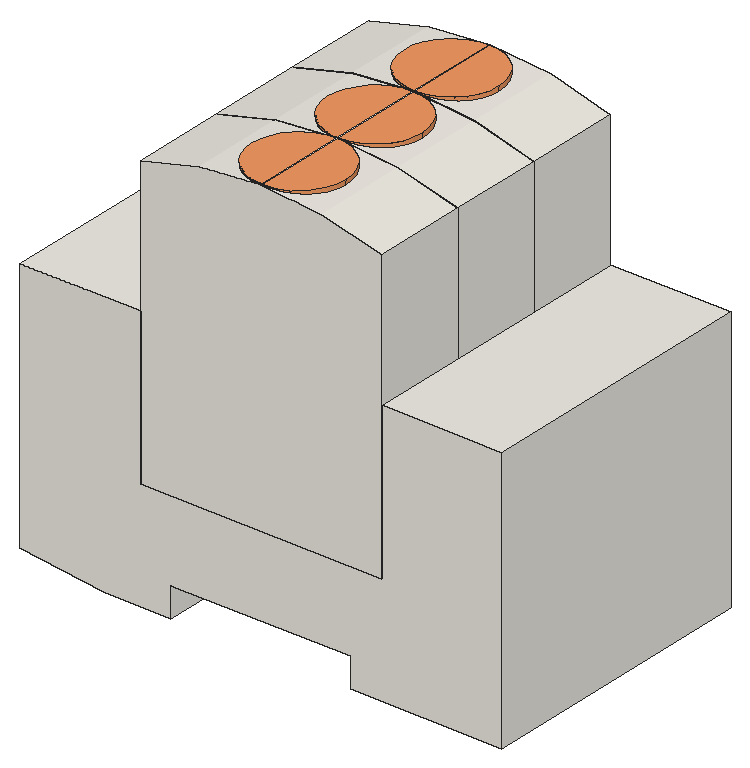
Revit family "Kombiableiter V50, 3-polig", category Generic Models, Revit 2015
Parameters (values of type "V50-3-385")
  Width = 90 mm
  URL = "http://www.obo-bettermann.com"
  Material 2 = PA 66/6 FR HF RAL 2003
  Material = PA 66/6 FR HF RAL 9010
  Manufacturer Art.No. = "5093574"
  Manufacturer = "OBO Bettermann"
  Length = 53.4 mm
  Height = 78.5 mm
  GTIN = "4012196398577"
  Article Type = "V50-3-385"
Types (5, lengths in mm): name | Manufacturer Art.No. | GTIN | Article Type
  (no name) | "5093574" | "4012196398577" | "V50-3-385"
  V50-3-150 | "5093442" | "4012196398652" | "V50-3-150"
  V50-3-280 | "5093511" | "4012196159604" | "V50-3-280"
  V50-3-320 | "5093542" | "4012196398461" | "V50-3-320"
  V50-3-385 | "5093574" | "4012196398577" | "V50-3-385"
Reference planes
  plane 1 "Center (Front/Back)": y = 0
  plane 2: z = 0
  plane 3 "Center (Left/Right)": x = 0
  plane 4: y = 17.8
  plane 5: z = 78.5
  plane 6: z = 78.5
  plane 7: z = 77.5
  plane 8: y = 35.6
  plane 9: y = 53.4
Forms (mm)
  Extrusion 1, solid, material "PA 66/6 FR HF RAL 9010" <- "Material"
    sketch origin (0, 0, 0) x (1, 0, 0) y (0, 0, 1)
      loop
        line (-29.35, 0) -> (-16.75, 0) -> (-16.75, 5.5) -> (16.75, 5.5) -> (16.75, 0) -> (45, 0) -> (45, 49.5) -> (22.5, 49.5) -> (22.5, 20.5) -> (-22.5, 20.5) -> (-22.5, 49.5) -> (-45, 49.5) -> (-45, 1.922) -> (-29.35, 0)
    from -53.4 to 0
  Extrusion 2, solid, material "PA 66/6 FR HF RAL 9010" <- "Material"
    sketch origin (0, 0, 0) x (1, 0, 0) y (0, 0, 1)
      loop
        line (-22.5, 20.5) -> (22.5, 20.5) -> (22.5, 74.639)
        arc (22.5, 74.639) -> (0, 78.5) -> (-22.5, 74.639) r 67.488
        line (-22.5, 74.639) -> (-22.5, 20.5)
    from -17.8 to 0
  Extrusion 3, solid, material "PA 66/6 FR HF RAL 2003" <- "Material 2"
    sketch origin (0, 0, 0) x (1, 0, 0) y (0, 1, 0)
      loop
        circle (0, 8.9) r 8.75
    from 77.5 to 78.5
  Extrusion 4, solid, material "PA 66/6 FR HF RAL 9010" <- "Material"
    sketch origin (0, 0, 0) x (1, 0, 0) y (0, 0, 1)
      loop
        line (-22.5, 74.639) -> (-22.5, 20.5) -> (22.5, 20.5) -> (22.5, 74.639)
        arc (22.5, 74.639) -> (0, 78.5) -> (-22.5, 74.639) r 67.488
    from -35.6 to -17.8
  Extrusion 5, solid, material "PA 66/6 FR HF RAL 2003" <- "Material 2"
    sketch origin (0, 0, 0) x (1, 0, 0) y (0, 1, 0)
      loop
        circle (0, 26.7) r 8.8
    from 77.5 to 78.5
  Extrusion 6, solid, material "PA 66/6 FR HF RAL 9010" <- "Material"
    sketch origin (0, 0, 0) x (1, 0, 0) y (0, 0, 1)
      loop
        line (-22.5, 74.639) -> (-22.5, 20.5) -> (22.5, 20.5) -> (22.5, 74.639)
        arc (22.5, 74.639) -> (0, 78.5) -> (-22.5, 74.639) r 67.488
    from -53.4 to -35.6
  Extrusion 7, solid, material "PA 66/6 FR HF RAL 2003" <- "Material 2"
    sketch origin (0, 0, 0) x (1, 0, 0) y (0, 1, 0)
      loop
        circle (0, 44.5) r 8.8
    from 77.5 to 78.5
Dimensions and locks
  locked: Extrusion 1 sketch curve to Extrusion 1 sketch curve at 33.5
  locked: plane 3 "Center (Left/Right)" to Extrusion 1 sketch curve at 16.75
  locked: Extrusion 1 sketch curve to level at 5.5
  "Width": Extrusion 1 sketch curve to Extrusion 1 sketch curve
  equal spacing: Extrusion 1 sketch curve, plane 3 "Center (Left/Right)", Extrusion 1 sketch curve, locked at 45 each
  locked: Extrusion 1 sketch curve to Extrusion 1 sketch curve at 44
  locked: Extrusion 1 sketch curve to Extrusion 1 sketch curve at 45
  equal spacing: Extrusion 1 sketch curve, plane 3 "Center (Left/Right)", Extrusion 1 sketch curve, locked at 22.5 each
  locked: Extrusion 1 sketch curve to Extrusion 1 sketch curve at 29
  locked: Extrusion 1 sketch curve to Extrusion 1 sketch curve at 15.65
  locked: Extrusion 1 sketch curve to level at 1.922
  "Height": plane 5 to level
  locked: Extrusion 2 sketch curve to Extrusion 1 at 54.139
  locked: Extrusion 2 to Extrusion 3 sketch curve at 8.9
  "Height": plane 6 to level
  locked: plane 6 to plane 7 at 1
  locked: plane 4 to plane 1 "Center (Front/Back)" at 17.8
  Extrusion 4 to Extrusion 5 sketch curve = 8.9 mm
  locked: plane 8 to plane 4 at 17.8
  "Length": plane 9 to plane 1 "Center (Front/Back)"
  locked: Extrusion 6 to Extrusion 7 sketch curve at 8.9
  radius of Extrusion 2 sketch curve = 67.488 mm
  radius of Extrusion 3 sketch curve = 8.75 mm
  radius of Extrusion 5 sketch curve = 8.8 mm
  radius of Extrusion 7 sketch curve = 8.8 mm
  aligned and locked: level to plane 2
  aligned and locked: Extrusion 1 sketch curve to level  (x2)
  aligned and locked: Extrusion 1 sketch curve to Extrusion 1 sketch curve
  aligned and locked: plane 1 "Center (Front/Back)" to Extrusion 1
  aligned and locked: Extrusion 2 sketch curve to Extrusion 1  (x3)
  aligned and locked: Extrusion 2 sketch curve to Extrusion 2 sketch curve
  aligned and locked: plane 1 "Center (Front/Back)" to Extrusion 2
  aligned and locked: plane 6 to Extrusion 3
  aligned and locked: Extrusion 3 to plane 7
  aligned and locked: Extrusion 4 sketch curve to Extrusion 2  (x4)
  aligned and locked: Extrusion 4 to plane 4
  aligned and locked: Extrusion 5 to Extrusion 3  (x2)
  aligned and locked: plane 9 to Extrusion 1
  aligned and locked: Extrusion 6 sketch curve to Extrusion 2  (x4)
  aligned and locked: Extrusion 1 to Extrusion 6
  aligned and locked: Extrusion 6 to plane 8
  aligned and locked: Extrusion 7 to Extrusion 3  (x2)
Automatic sketch dimensions
  Extrusion 3 sketch curve to plane 3 "Center (Left/Right)" = 0 mm
  Extrusion 5 sketch curve to plane 3 "Center (Left/Right)" = 0 mm
  Extrusion 7 sketch curve to plane 3 "Center (Left/Right)" = 0 mm
